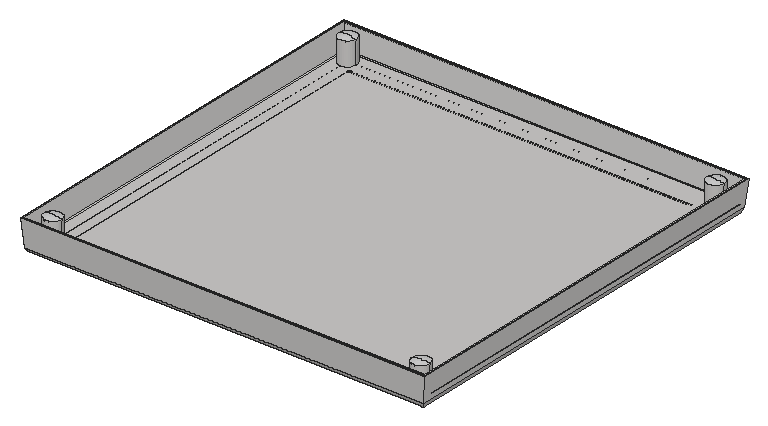
Revit family "NLRS_33_GM_FB_TC_STORAX_vloerluik_BVE_BCB", category Generic Models, host Face, Revit 2014
Parameters (values of type "BVE 88")
  vullen_met_beton = "ja"  # constant formula
  vergrendeling = "nee"  # constant formula
  uitwendige_lengte = 935 mm
  uitwendige_breedte = 935 mm
  sluiting = "4"  # constant formula
  scharnierend = "nee"  # constant formula
  rubberen_afdichting = "enkel"  # constant formula
  productgroep = "Vloerluiken"  # constant formula
  materiaal = bcb_rvs
  inbouwhoogte [instance] = 75 mm
  geïsoleerd = "nee"  # constant formula
  gewicht = "30"
  gasdrukveer = "nee"  # constant formula
  brandwerend 90 min = "nee"  # constant formula
  binnenmaat_lengte = uitwendige_lengte - 135 mm  # 800 mm
  binnenmaat_breedte = uitwendige_breedte - 135 mm  # 800 mm
  binnenluik = "tbv betonvulling"  # constant formula
  belasting = "125 kN"  # constant formula
  URL = "http://www.storax.nl/producten/RVS/186/Type-BVE"
  Model = "BV"  # constant formula
  Manufacturer = "Storax"  # constant formula
  Default Elevation = 1219.2 mm
Types (9, lengths in mm): name | uitwendige_lengte | uitwendige_breedte | gewicht | binnenmaat_lengte | binnenmaat_breedte
  (no name) | 935 | 935 | "30" | 800 | 800
  BVE 33 | 435 | 435 | "9" | 300 | 300
  BVE 44 | 535 | 535 | "13" | 400 | 400
  BVE 55 | 635 | 635 | "17" | 500 | 500
  BVE 64 | 735 | 535 | "16" | 600 | 400
  BVE 66 | 735 | 735 | "20" | 600 | 600
  BVE 86 | 935 | 735 | "24" | 800 | 600
  BVE 88 | 935 | 935 | "30" | 800 | 800
  BVE 110 | 1135 | 1135 | "40" | 1000 | 1000
Reference planes
  plane 1 "Center (Front/Back)": y = 0
  plane 2: z = 0
  plane 3 "Center (Left/Right)": x = 0
  plane 4: y = 467.5
  plane 5: y = -467.5
  plane 6: x = 467.5
  plane 7: x = -467.5
  plane 8: z = -75
  plane 9: x = -425.5
  plane 10: y = 425.5
  plane 11: y = -425.5
  plane 12: x = 425.5
  plane 13: x = -305.5
  plane 14: x = 305.5
  plane 15: y = -305.5
  plane 16: y = 305.5
Forms (mm)
  Sweep 1, solid, material "bcb_rvs" <- "materiaal", detail levels medium+fine
    path origin (0, 0, 0) x (1, 0, 0) y (0, 1, 0)
      loop
        line (-467.5, 467.5) -> (-467.5, -467.5) -> (467.5, -467.5) -> (467.5, 467.5) -> (-467.5, 467.5)
    profile origin (-467.5, 0, 0) x (-1, 0, 0) y (0, 0, 1)
      loop
        line (0, 0) -> (-2.01, 0) -> (-8.062, -60.739)
        arc (-8.062, -60.739) -> (-19.025, -71.913) -> (-32.302, -63.62) r 12.5
        line (-32.302, -63.62) -> (-34.724, -56.679)
        arc (-34.724, -56.679) -> (-38.41, -54.001) -> (-42.212, -56.51) r 4
        line (-42.212, -56.51) -> (-44.362, -61.868)
        arc (-44.362, -61.868) -> (-48.269, -64.946) -> (-52.899, -63.13) r 5
        line (-52.899, -63.13) -> (-56.64, -57.982)
        arc (-56.64, -57.982) -> (-63.349, -55.792) -> (-67.5, -61.5) r 6
        line (-67.5, -61.5) -> (-67.5, -75) -> (-65.5, -75) -> (-65.5, -61.5)
        arc (-65.5, -61.5) -> (-62.734, -57.695) -> (-58.262, -59.152) r 4
        line (-58.262, -59.152) -> (-54.667, -64.109)
        arc (-54.667, -64.109) -> (-48.142, -66.947) -> (-42.504, -62.607) r 7
        line (-42.504, -62.607) -> (-40.356, -57.255)
        arc (-40.356, -57.255) -> (-38.451, -56.001) -> (-36.61, -57.346) r 2
        line (-36.61, -57.346) -> (-34.19, -64.279)
        arc (-34.19, -64.279) -> (-18.789, -73.899) -> (-6.071, -60.938) r 14.5
        line (-6.071, -60.938) -> (0, 0)
  Sweep 2, solid, material "bcb_rvs" <- "materiaal", detail levels medium+fine
    path origin (0, 0, 0) x (1, 0, 0) y (0, 1, 0)
      loop
        line (-467.5, 467.5) -> (-467.5, -467.5) -> (467.5, -467.5) -> (467.5, 467.5) -> (-467.5, 467.5)
    profile origin (-467.5, 0, 0) x (-1, 0, 0) y (0, 0, 1)
      loop
        line (-10.487, -50.628) -> (-2.484, 0) -> (-4.5, 0) -> (-12.438, -50.313)
        arc (-12.438, -50.313) -> (-13.121, -51.538) -> (-14.437, -52.024) r 2.024
        line (-14.437, -52.024) -> (-67.5, -52.024) -> (-67.5, -53.988) -> (-14.751, -53.988)
        arc (-14.751, -53.988) -> (-11.962, -53.142) -> (-10.487, -50.628) r 4
  Sweep 3, solid, material "bcb_rvs" <- "materiaal", detail levels coarse
    path origin (0, 0, 0) x (1, 0, 0) y (0, 1, 0)
      loop
        line (-467.5, 467.5) -> (-467.5, -467.5) -> (467.5, -467.5) -> (467.5, 467.5) -> (-467.5, 467.5)
    profile origin (-467.5, 0, 0) x (-1, 0, 0) y (0, 0, 1)
      loop
        line (0, 0) -> (-4.5, 0) -> (-12.74, -52.024) -> (-67.5, -52.024) -> (-67.5, -75) -> (-7.473, -75) -> (0, 0)
  Extrusion 4, solid, material "bcb_rvs" <- "materiaal", detail levels medium+fine
    sketch origin (0, 0, 0) x (1, 0, 0) y (0, 1, 0)
      loop
        line (-400, 400) -> (-400, -400) -> (400, -400) -> (400, 400) -> (-400, 400)
    from -53.988 to -52
  Extrusion 5, solid, material "bcb_rvs" <- "materiaal", detail levels coarse
    sketch origin (0, 0, 0) x (1, 0, 0) y (0, 1, 0)
      loop
        line (-400, 400) -> (-400, -400) -> (400, -400) -> (400, 400) -> (-400, 400)
    from -75 to -52.024
  Extrusion 6, void
    sketch origin (0, 0, 0) x (1, 0, 0) y (0, 1, 0)
      loop
        line (-305.5, -305.5) -> (305.5, -305.5) -> (305.5, 305.5) -> (-305.5, 305.5) -> (-305.5, -305.5)
    from -500 to 10
  Sweep 7, void
    path origin (0, 0, 0) x (1, 0, 0) y (0, 1, 0)
      loop
        line (-467.5, 467.5) -> (-467.5, -467.5) -> (467.5, -467.5) -> (467.5, 467.5) -> (-467.5, 467.5)
    profile origin (-467.5, 0, 0) x (-1, 0, 0) y (0, 0, 1)
      loop
        line (0.498, 5) -> (-162, 5) -> (-162, -365) -> (-65.5, -365) -> (-65.5, -75) -> (-7.473, -75) -> (0.498, 5)
Cuts and joins
  joined: Sweep 2, Extrusion 4
  joined: Sweep 3, Extrusion 5
Text (mm)
  text "Indien u deze familie geopend hebt vanuit het project via Edit Family: Niet Opslaan!\n\nOpen de familie via File - Open Family om de familie aan te passen.\n\n\n\nMocht u zelf aanpassingen willen aanbrengen in een type van de family, \n\npak dan het type maatwerk en neem contact op met Storax." at (-0.374, 589.999, 0), in view "Ref. Level"
Dimensions and locks
  equal spacing: plane 7, plane 3 "Center (Left/Right)", plane 6
  "uitwendige_breedte": plane 7 to plane 6
  equal spacing: plane 4, plane 1 "Center (Front/Back)", plane 5
  "uitwendige_lengte": plane 4 to plane 5
  locked: plane 4 to plane 10 at 42
  locked: plane 7 to plane 9 at 42
  locked: plane 12 to plane 6 at 42
  locked: plane 5 to plane 11 at 42
  locked: plane 9 to plane 13 at 120
  locked: plane 14 to plane 12 at 120
  locked: plane 15 to plane 11 at 120
  locked: plane 10 to plane 16 at 120
  aligned and locked: plane 2 to host face
  aligned and locked: level to host face
  aligned and locked: Sweep 1 sketch curve to plane 4
  aligned and locked: plane 7 to Sweep 1 sketch curve
  aligned and locked: plane 5 to Sweep 1 sketch curve
  aligned and locked: Sweep 1 sketch curve to plane 6
  aligned and locked: Sweep 2 sketch curve to Sweep 1  (x4)
  aligned and locked: Sweep 3 sketch curve to Sweep 1  (x4)
  aligned and locked: Extrusion 4 sketch curve to Sweep 1  (x4)
  aligned and locked: Extrusion 5 sketch curve to Sweep 3  (x2)
  aligned and locked: Extrusion 5 sketch curve to Sweep 1  (x2)
  aligned and locked: plane 3 "Center (Left/Right)" to nested 1
  aligned and locked: nested 1 to plane 2
  aligned and locked: plane 9 to nested 2
  aligned and locked: nested 2 to plane 10
  aligned and locked: nested 3 to plane 12
  aligned and locked: plane 10 to nested 3
  aligned and locked: plane 11 to nested 4
  aligned and locked: nested 4 to plane 9
  aligned and locked: nested 5 to plane 11
  aligned and locked: plane 12 to nested 5
  aligned and locked: nested 6 to plane 1 "Center (Front/Back)"
  aligned and locked: nested 6 to plane 2
  aligned and locked: Extrusion 6 to plane 16
  aligned and locked: Extrusion 6 to plane 14
  aligned and locked: Extrusion 6 to plane 15
  aligned and locked: Extrusion 6 to plane 13
  aligned and locked: Sweep 7 sketch curve to plane 4
  aligned and locked: Sweep 7 sketch curve to plane 6
  aligned and locked: plane 5 to Sweep 7 sketch curve
  aligned and locked: plane 7 to Sweep 7 sketch curve
Automatic sketch dimensions
  host sketch curve to host sketch curve = 2000 mm  (x2)
  Sweep 1 sketch curve to profile plane = 0 mm
  profile plane to Sweep 1 sketch curve = 6.071 mm
  Sweep 1 sketch curve to Sweep 1 sketch curve = 1.99 mm
  Sweep 1 sketch curve to Sweep 1 sketch curve = 12.438 mm
  Sweep 1 sketch curve to Sweep 1 sketch curve = 0 mm  (x6)
  Sweep 1 sketch curve to Sweep 1 sketch curve = 11.802 mm
  Sweep 1 sketch curve to Sweep 1 sketch curve = 1.888 mm
  Sweep 1 sketch curve to Sweep 1 sketch curve = 2.423 mm
  Sweep 1 sketch curve to Sweep 1 sketch curve = 1.886 mm
  Sweep 1 sketch curve to Sweep 1 sketch curve = 1.89 mm
  Sweep 1 sketch curve to Sweep 1 sketch curve = 1.856 mm  (x2)
  Sweep 1 sketch curve to Sweep 1 sketch curve = 2.147 mm
  Sweep 1 sketch curve to Sweep 1 sketch curve = 1.858 mm
  Sweep 1 sketch curve to Sweep 1 sketch curve = 4.638 mm
  Sweep 1 sketch curve to Sweep 1 sketch curve = 3.899 mm
  Sweep 1 sketch curve to Sweep 1 sketch curve = 1.768 mm
  Sweep 1 sketch curve to Sweep 1 sketch curve = 3.741 mm
  Sweep 1 sketch curve to Sweep 1 sketch curve = 1.622 mm
  Sweep 1 sketch curve to Sweep 1 sketch curve = 3.238 mm
  Sweep 1 sketch curve to Sweep 1 sketch curve = 4 mm
  Sweep 1 sketch curve to Sweep 1 sketch curve = 2 mm
  Sweep 1 sketch curve to level = 56.51 mm
  Sweep 1 sketch curve to Sweep 1 sketch curve = 0.169 mm
  Sweep 1 sketch curve to Sweep 1 sketch curve = 0.745 mm
  Sweep 1 sketch curve to Sweep 1 sketch curve = 0.654 mm
  Sweep 1 sketch curve to Sweep 1 sketch curve = 1.471 mm
  Sweep 1 sketch curve to Sweep 1 sketch curve = 1.17 mm
  Sweep 1 sketch curve to Sweep 1 sketch curve = 2.821 mm
  Sweep 1 sketch curve to Sweep 1 sketch curve = 3.49 mm
  Sweep 1 sketch curve to Sweep 1 sketch curve = 1.239 mm
  Sweep 1 sketch curve to Sweep 1 sketch curve = 0.198 mm
  Sweep 1 sketch curve to Sweep 1 sketch curve = 1.867 mm
  Sweep 1 sketch curve to Sweep 1 sketch curve = 0.739 mm
  Sweep 1 sketch curve to Sweep 1 sketch curve = 13.5 mm
  profile plane to Sweep 1 sketch curve = 2.01 mm
  Sweep 1 sketch curve to Sweep 1 sketch curve = 60.938 mm
  Sweep 2 sketch curve to level = 0 mm
  profile plane to Sweep 2 sketch curve = 14.751 mm
  Sweep 2 sketch curve to Sweep 2 sketch curve = 0.313 mm  (x2)
  Sweep 2 sketch curve to Sweep 2 sketch curve = 0 mm  (x2)
  Sweep 2 sketch curve to Sweep 2 sketch curve = 1.95 mm
  Sweep 2 sketch curve to Sweep 2 sketch curve = 0.315 mm
  Sweep 2 sketch curve to Sweep 2 sketch curve = 53.063 mm
  profile plane to Sweep 2 sketch curve = 4.5 mm
  Sweep 2 sketch curve to Sweep 2 sketch curve = 2.016 mm
  Sweep 2 sketch curve to level = 52.024 mm
  Sweep 2 sketch curve to Sweep 2 sketch curve = 1.963 mm
  Sweep 3 sketch curve to level = 0 mm
  Sweep 3 sketch curve to profile plane = 0 mm
  profile plane to Sweep 3 sketch curve = 4.5 mm
  profile plane to Sweep 3 sketch curve = 12.74 mm
  Sweep 3 sketch curve to Sweep 3 sketch curve = 54.76 mm
  Sweep 3 sketch curve to level = 52.024 mm
  profile plane to Sweep 3 sketch curve = 7.473 mm
  Sweep 3 sketch curve to Sweep 3 sketch curve = 22.976 mm
  Extrusion 6 sketch curve to plane 11 = 120 mm
  Extrusion 6 sketch curve to plane 1 "Center (Front/Back)" = 305.5 mm
  Extrusion 6 sketch curve to plane 13 = 0 mm
  Extrusion 6 sketch curve to plane 14 = 0 mm
  level to Sweep 7 sketch curve = 5 mm
  profile plane to Sweep 7 sketch curve = 162 mm
  profile plane to Sweep 7 sketch curve = 65.5 mm
  profile plane to Sweep 7 sketch curve = 7.473 mm
  Sweep 7 sketch curve to profile plane = 0.498 mm
  Sweep 7 sketch curve to level = 75 mm
  Sweep 7 sketch curve to Sweep 7 sketch curve = 290 mm
Nested families
  nested 1: "NLRS_33_GM_FB_TC_STORAX_vloerluik_BV_BCB_Detail_Component" at (0, 0, 0) x (1, 0, 0) z (0, -1, 0), breedte <- "uitwendige_breedte", type "NLRS_33_GM_FB_TC_STORAX_vloerluik_BV_BCB_Detail_Component"
    with breedte 935 mm
  nested 2: "NLRS_33_GM_FB_TC_STORAX_vloerluik_BV_BCB_Inbusbout" at (-425.5, 425.5, -52.024), type "NLRS_33_GM_FB_TC_STORAX_vloerluik_BV_BCB_Inbusbout"
  nested 3: "NLRS_33_GM_FB_TC_STORAX_vloerluik_BV_BCB_Inbusbout" at (425.5, 425.5, -52.024) x (-1, 0, 0) z (0, 0, 1), type "NLRS_33_GM_FB_TC_STORAX_vloerluik_BV_BCB_Inbusbout"
  nested 4: "NLRS_33_GM_FB_TC_STORAX_vloerluik_BV_BCB_Inbusbout" at (-425.5, -425.5, -52.024), type "NLRS_33_GM_FB_TC_STORAX_vloerluik_BV_BCB_Inbusbout"
  nested 5: "NLRS_33_GM_FB_TC_STORAX_vloerluik_BV_BCB_Inbusbout" at (425.5, -425.5, -52.024) x (-1, 0, 0) z (0, 0, 1), type "NLRS_33_GM_FB_TC_STORAX_vloerluik_BV_BCB_Inbusbout"
  nested 6: "NLRS_33_GM_FB_TC_STORAX_vloerluik_BV_BCB_Detail_Component" at (0, 0, 0) x (0, 1, 0) z (1, 0, 0), breedte <- "uitwendige_lengte", type "NLRS_33_GM_FB_TC_STORAX_vloerluik_BV_BCB_Detail_Component"
    with breedte 935 mm
Definition of nested family "NLRS_33_GM_FB_TC_STORAX_vloerluik_BV_BCB_Inbusbout"
  Parameters (values of type "NLRS_33_GM_FB_TC_STORAX_vloerluik_BV_BCB_Inbusbout")
    materiaal = bcb_staal
    Default Elevation = 1219.2 mm
  Reference planes
    plane 1 "Center (Front/Back)": y = 0
    plane 2: z = 0
    plane 3 "Center (Left/Right)": x = 0
  Forms (mm)
    Extrusion 1, solid, not visible
      sketch origin (0, 0, 0) x (1, 0, 0) y (0, 1, 0)
        loop
          line (-250, 250) -> (-250, -250) -> (250, -250) -> (250, 250) -> (-250, 250)
      from 0 to -100
    Extrusion 2, solid, material "bcb_staal" <- "materiaal", detail levels medium+fine
      sketch origin (0, 0, 0) x (1, 0, 0) y (0, 1, 0)
        loop
          circle (0, 0) r 20
      from 0 to 52
    Revolve 3, solid, material "bcb_kunststof", detail levels medium+fine
      sketch origin (0, 0, 0) x (1, 0, 0) y (0, 0, 1)
        loop
          line (-20, 52) -> (0, 52) -> (0, 56)
          arc (0, 56) -> (-10.198, 54.99) -> (-20, 52) r 52
        axis (0, 56) -> (0, 52)
      angle from 0 to 360
  Dimensions and locks
    aligned and locked: plane 2 to Extrusion 1
    aligned and locked: level to Extrusion 1
Definition of nested family "NLRS_33_GM_FB_TC_STORAX_vloerluik_BV_BCB_Detail_Component"
  Parameters (values of type "NLRS_33_GM_FB_TC_STORAX_vloerluik_BV_BCB_Detail_Component")
    breedte [instance] = 435 mm
  Reference planes
    plane 1 "Center (Front/Back)": y = 0
    plane 2: z = 0
    plane 3 "Center (Left/Right)": x = 0
    plane 4: x = -217.5
    plane 5: x = 217.5
    plane 6: y = 100
    plane 7: y = -75
  Lines and regions (mm)
    Filled region 1, type "BCB Staal", in view "Ref. Level", detail levels medium+fine
      outline origin (0, 0, 0) x (1, 0, 0) y (0, 1, 0)
        loop
          line (-217.5, 0) -> (-211.429, -60.938)
          arc (-211.429, -60.938) -> (-198.711, -73.899) -> (-183.31, -64.279) r 14.5
          line (-183.31, -64.279) -> (-180.89, -57.346)
          arc (-180.89, -57.346) -> (-179.049, -56.001) -> (-177.144, -57.255) r 2
          line (-177.144, -57.255) -> (-174.996, -62.607)
          arc (-174.996, -62.607) -> (-169.358, -66.947) -> (-162.833, -64.109) r 7
          line (-162.833, -64.109) -> (-159.24, -59.154)
          arc (-159.24, -59.154) -> (-154.767, -57.695) -> (-152, -61.5) r 4
          line (-152, -61.5) -> (-152, -75) -> (-150, -75) -> (-150, -61.5)
          arc (-150, -61.5) -> (-154.151, -55.792) -> (-160.86, -57.982) r 6
          line (-160.86, -57.982) -> (-164.601, -63.13)
          arc (-164.601, -63.13) -> (-169.231, -64.946) -> (-173.138, -61.868) r 5
          line (-173.138, -61.868) -> (-175.288, -56.51)
          arc (-175.288, -56.51) -> (-179.09, -54.001) -> (-182.776, -56.679) r 4
          line (-182.776, -56.679) -> (-185.198, -63.62)
          arc (-185.198, -63.62) -> (-198.475, -71.913) -> (-209.438, -60.739) r 12.5
          line (-209.438, -60.739) -> (-215.49, 0) -> (-217.5, 0)
    Filled region 2, type "BCB Rubber", in view "Ref. Level", detail levels medium+fine
      outline origin (0, 0, 0) x (1, 0, 0) y (0, 1, 0)
        loop
          arc (-160.052, -57.075) -> (-160.524, -54.949) -> (-162.485, -54) r 2.5
          line (-162.485, -54) -> (-178.975, -54)
          arc (-178.975, -54) -> (-176.749, -54.694) -> (-175.288, -56.51) r 4
          line (-175.288, -56.51) -> (-173.138, -61.868)
          arc (-173.138, -61.868) -> (-169.231, -64.946) -> (-164.601, -63.13) r 5
          line (-164.601, -63.13) -> (-160.86, -57.982)
          arc (-160.86, -57.982) -> (-160.479, -57.508) -> (-160.052, -57.075) r 6
    Filled region 3, type "BCB Staal", in view "Ref. Level", detail levels medium+fine
      outline origin (0, 0, 0) x (1, 0, 0) y (0, 1, 0)
        loop
          line (-213, 0) -> (-215.016, 0) -> (-207.013, -50.628)
          arc (-207.013, -50.628) -> (-205.538, -53.142) -> (-202.749, -53.988) r 4
          line (-202.749, -53.988) -> (203.063, -53.988)
          arc (203.063, -53.988) -> (205.651, -53.033) -> (207, -50.626) r 3.987
          line (207, -50.626) -> (215, 0) -> (212.969, 0) -> (205.038, -50.32)
          arc (205.038, -50.32) -> (204.359, -51.524) -> (203.063, -52.024) r 2.001
          line (203.063, -52.024) -> (-203.063, -52.024)
          arc (-203.063, -52.024) -> (-204.379, -51.538) -> (-205.063, -50.313) r 2.024
          line (-205.063, -50.313) -> (-213, 0)
    Filled region 4, type "BCB Staal", in view "Ref. Level", detail levels medium+fine
      outline origin (0, 0, 0) x (1, 0, 0) y (0, 1, 0)
        loop
          line (185.198, -63.62) -> (182.776, -56.679)
          arc (182.776, -56.679) -> (179.09, -54.001) -> (175.288, -56.51) r 4
          line (175.288, -56.51) -> (173.138, -61.868)
          arc (173.138, -61.868) -> (169.231, -64.946) -> (164.601, -63.13) r 5
          line (164.601, -63.13) -> (160.86, -57.982)
          arc (160.86, -57.982) -> (154.151, -55.792) -> (150, -61.5) r 6
          line (150, -61.5) -> (150, -75) -> (152, -75) -> (152, -61.5)
          arc (152, -61.5) -> (154.767, -57.695) -> (159.24, -59.154) r 4
          line (159.24, -59.154) -> (162.833, -64.109)
          arc (162.833, -64.109) -> (169.358, -66.947) -> (174.996, -62.607) r 7
          line (174.996, -62.607) -> (177.144, -57.255)
          arc (177.144, -57.255) -> (179.049, -56.001) -> (180.89, -57.346) r 2
          line (180.89, -57.346) -> (183.31, -64.279)
          arc (183.31, -64.279) -> (198.711, -73.899) -> (211.429, -60.938) r 14.5
          line (211.429, -60.938) -> (217.5, 0) -> (215.49, 0) -> (209.438, -60.739)
          arc (209.438, -60.739) -> (198.475, -71.913) -> (185.198, -63.62) r 12.5
    Filled region 5, type "BCB Rubber", in view "Ref. Level", detail levels medium+fine
      outline origin (0, 0, 0) x (1, 0, 0) y (0, 1, 0)
        loop
          arc (162.485, -54) -> (160.524, -54.949) -> (160.052, -57.075) r 2.5
          arc (160.052, -57.075) -> (160.479, -57.508) -> (160.86, -57.982) r 6
          line (160.86, -57.982) -> (164.601, -63.13)
          arc (164.601, -63.13) -> (169.231, -64.946) -> (173.138, -61.868) r 5
          line (173.138, -61.868) -> (175.288, -56.51)
          arc (175.288, -56.51) -> (176.746, -54.695) -> (178.968, -54) r 4
          line (178.968, -54) -> (162.485, -54)
    Masking region 1, in view "Ref. Level", detail levels medium+fine
      outline origin (0, 0, 0) x (1, 0, 0) y (0, 1, 0)
        loop
          line (-152, -75) -> (152, -75) -> (152, -74) -> (197, -74)
          arc (197, -74) -> (206.732, -70.249) -> (211.429, -60.938) r 14.5
          line (211.429, -60.938) -> (217.5, 0) -> (-217.5, 0) -> (-211.429, -60.938)
          arc (-211.429, -60.938) -> (-206.732, -70.249) -> (-197, -74) r 14.5
          line (-197, -74) -> (-152, -74) -> (-152, -75)
  Text (mm)
    text "Meer informatie nodig om tot een goed detail te komen.\n\n\n\nPDF van de website bevat meer informatie, dit zouden wij graag tegemoet zien in DWG-formaat." at (4.418, -12.363, 0), in view "Ref. Level"
  Dimensions and locks
    equal spacing: plane 4, plane 3 "Center (Left/Right)", plane 5
    "breedte": plane 4 to plane 5
  Automatic sketch dimensions
    plane 1 "Center (Front/Back)" to Filled region 1 sketch curve = 0 mm
    Filled region 1 sketch curve to plane 4 = 0 mm
    plane 4 to Filled region 1 sketch curve = 6.071 mm
    Filled region 1 sketch curve to Filled region 1 sketch curve = 1.99 mm
    Filled region 1 sketch curve to Filled region 1 sketch curve = 12.438 mm
    Filled region 1 sketch curve to Filled region 1 sketch curve = 0 mm  (x6)
    plane 7 to Filled region 1 sketch curve = 11.38 mm
    Filled region 1 sketch curve to Filled region 1 sketch curve = 11.802 mm
    plane 7 to Filled region 1 sketch curve = 10.721 mm
    Filled region 1 sketch curve to Filled region 1 sketch curve = 1.888 mm
    Filled region 1 sketch curve to Filled region 1 sketch curve = 2.423 mm
    plane 7 to Filled region 1 sketch curve = 17.654 mm
    Filled region 1 sketch curve to Filled region 1 sketch curve = 1.886 mm
    Filled region 1 sketch curve to Filled region 1 sketch curve = 1.89 mm
    plane 7 to Filled region 1 sketch curve = 17.745 mm
    Filled region 1 sketch curve to Filled region 1 sketch curve = 1.856 mm  (x2)
    plane 7 to Filled region 1 sketch curve = 18.49 mm
    plane 7 to Filled region 1 sketch curve = 12.393 mm
    Filled region 1 sketch curve to Filled region 1 sketch curve = 2.147 mm
    plane 7 to Filled region 1 sketch curve = 13.132 mm
    Filled region 1 sketch curve to Filled region 1 sketch curve = 1.858 mm
    Filled region 1 sketch curve to Filled region 1 sketch curve = 4.638 mm
    plane 7 to Filled region 1 sketch curve = 11.87 mm
    Filled region 1 sketch curve to Filled region 1 sketch curve = 3.899 mm
    plane 7 to Filled region 1 sketch curve = 10.891 mm
    Filled region 1 sketch curve to Filled region 1 sketch curve = 1.768 mm
    plane 7 to Filled region 1 sketch curve = 17.018 mm
    Filled region 1 sketch curve to Filled region 1 sketch curve = 3.74 mm
    plane 7 to Filled region 1 sketch curve = 15.846 mm
    Filled region 1 sketch curve to Filled region 1 sketch curve = 1.621 mm
    Filled region 1 sketch curve to Filled region 1 sketch curve = 3.24 mm
    plane 7 to Filled region 1 sketch curve = 13.5 mm  (x2)
    Filled region 1 sketch curve to Filled region 1 sketch curve = 4 mm
    plane 7 to Filled region 1 sketch curve = 0 mm
    Filled region 1 sketch curve to Filled region 1 sketch curve = 2 mm  (x2)
    plane 7 to Filled region 1 sketch curve = 14.062 mm
    Filled region 1 sketch curve to Filled region 1 sketch curve = 0.198 mm
    plane 4 to Filled region 1 sketch curve = 2.01 mm
    plane 7 to Filled region 2 sketch curve = 17 mm
    plane 4 to Filled region 2 sketch curve = 38.5 mm
    Filled region 2 sketch curve to Filled region 2 sketch curve = 0.025 mm
    plane 7 to Filled region 2 sketch curve = 18.49 mm
    Filled region 2 sketch curve to Filled region 2 sketch curve = 3.712 mm
    plane 7 to Filled region 2 sketch curve = 13.132 mm
    Filled region 2 sketch curve to Filled region 2 sketch curve = 2.15 mm
    Filled region 2 sketch curve to Filled region 2 sketch curve = 4.638 mm
    plane 7 to Filled region 2 sketch curve = 11.87 mm
    Filled region 2 sketch curve to Filled region 2 sketch curve = 3.899 mm
    Filled region 2 sketch curve to Filled region 2 sketch curve = 2.116 mm
    plane 7 to Filled region 2 sketch curve = 17.018 mm
    Filled region 2 sketch curve to Filled region 2 sketch curve = 1.624 mm
    Filled region 2 sketch curve to Filled region 2 sketch curve = 4.86 mm
    Filled region 2 sketch curve to Filled region 2 sketch curve = 3.518 mm
    Filled region 2 sketch curve to Filled region 2 sketch curve = 1.482 mm
    Filled region 2 sketch curve to Filled region 2 sketch curve = 0 mm  (x3)
    Filled region 2 sketch curve to Filled region 2 sketch curve = 0.809 mm
    plane 1 "Center (Front/Back)" to Filled region 3 sketch curve = 0 mm  (x2)
    plane 4 to Filled region 3 sketch curve = 10.487 mm
    Filled region 3 sketch curve to Filled region 3 sketch curve = 1.95 mm
    Filled region 3 sketch curve to Filled region 3 sketch curve = 2 mm
    Filled region 3 sketch curve to Filled region 3 sketch curve = 0 mm  (x5)
    Filled region 3 sketch curve to Filled region 3 sketch curve = 0.313 mm  (x2)
    Filled region 3 sketch curve to plane 5 = 14.437 mm
    Filled region 3 sketch curve to Filled region 3 sketch curve = 1.975 mm
    Filled region 3 sketch curve to Filled region 3 sketch curve = 1.962 mm
    Filled region 3 sketch curve to plane 5 = 4.531 mm
    Filled region 3 sketch curve to Filled region 3 sketch curve = 2.031 mm
    plane 7 to Filled region 3 sketch curve = 25 mm  (x2)
    Filled region 3 sketch curve to Filled region 3 sketch curve = 0.001 mm
    Filled region 3 sketch curve to Filled region 3 sketch curve = 0.319 mm
    Filled region 3 sketch curve to Filled region 3 sketch curve = 0.306 mm
    plane 4 to Filled region 3 sketch curve = 4.5 mm
    Filled region 3 sketch curve to Filled region 3 sketch curve = 2.016 mm
    Filled region 4 sketch curve to plane 7 = 0 mm
    plane 1 "Center (Front/Back)" to Filled region 4 sketch curve = 0 mm
    Filled region 4 sketch curve to plane 5 = 0 mm
    Filled region 4 sketch curve to plane 5 = 6.071 mm
    Filled region 4 sketch curve to Filled region 4 sketch curve = 1.99 mm
    Filled region 4 sketch curve to Filled region 4 sketch curve = 12.438 mm
    Filled region 4 sketch curve to Filled region 4 sketch curve = 0 mm  (x5)
    plane 7 to Filled region 4 sketch curve = 11.38 mm
    Filled region 4 sketch curve to Filled region 4 sketch curve = 11.802 mm
    plane 7 to Filled region 4 sketch curve = 10.721 mm
    Filled region 4 sketch curve to Filled region 4 sketch curve = 1.888 mm
    Filled region 4 sketch curve to Filled region 4 sketch curve = 2.423 mm
    Filled region 4 sketch curve to Filled region 4 sketch curve = 1.886 mm
    Filled region 4 sketch curve to Filled region 4 sketch curve = 1.89 mm
    plane 7 to Filled region 4 sketch curve = 17.745 mm
    Filled region 4 sketch curve to Filled region 4 sketch curve = 1.856 mm  (x2)
    plane 7 to Filled region 4 sketch curve = 18.49 mm
    plane 7 to Filled region 4 sketch curve = 12.393 mm
    Filled region 4 sketch curve to Filled region 4 sketch curve = 2.147 mm
    plane 7 to Filled region 4 sketch curve = 13.132 mm
    Filled region 4 sketch curve to Filled region 4 sketch curve = 1.858 mm
    Filled region 4 sketch curve to Filled region 4 sketch curve = 4.638 mm
    plane 7 to Filled region 4 sketch curve = 11.87 mm
    Filled region 4 sketch curve to Filled region 4 sketch curve = 3.899 mm
    plane 7 to Filled region 4 sketch curve = 10.891 mm
    Filled region 4 sketch curve to Filled region 4 sketch curve = 1.768 mm
    plane 7 to Filled region 4 sketch curve = 17.018 mm
    Filled region 4 sketch curve to Filled region 4 sketch curve = 3.74 mm
    plane 7 to Filled region 4 sketch curve = 15.846 mm
    Filled region 4 sketch curve to Filled region 4 sketch curve = 1.621 mm
    Filled region 4 sketch curve to Filled region 4 sketch curve = 3.24 mm
    Filled region 4 sketch curve to Filled region 4 sketch curve = 4 mm
    Filled region 4 sketch curve to Filled region 4 sketch curve = 2 mm
    plane 7 to Filled region 4 sketch curve = 14.062 mm
    Filled region 4 sketch curve to Filled region 4 sketch curve = 0.198 mm
    Filled region 4 sketch curve to Filled region 4 sketch curve = 0.745 mm
    Filled region 4 sketch curve to Filled region 4 sketch curve = 2.01 mm
    plane 7 to Filled region 5 sketch curve = 13.5 mm
    Filled region 5 sketch curve to plane 5 = 61.5 mm
    plane 7 to Filled region 5 sketch curve = 17.018 mm
    Filled region 5 sketch curve to Filled region 5 sketch curve = 4.86 mm
    Filled region 5 sketch curve to Filled region 5 sketch curve = 1.624 mm
    plane 7 to Filled region 5 sketch curve = 11.87 mm
    Filled region 5 sketch curve to Filled region 5 sketch curve = 3.74 mm
    Filled region 5 sketch curve to Filled region 5 sketch curve = 3.899 mm
    plane 7 to Filled region 5 sketch curve = 13.132 mm
    Filled region 5 sketch curve to Filled region 5 sketch curve = 4.638 mm
    Filled region 5 sketch curve to Filled region 5 sketch curve = 2.15 mm
    Filled region 5 sketch curve to Filled region 5 sketch curve = 3.68 mm
    Filled region 5 sketch curve to Filled region 5 sketch curve = 3.712 mm
    Filled region 5 sketch curve to Filled region 5 sketch curve = 1.49 mm
    Filled region 5 sketch curve to Filled region 5 sketch curve = 1.482 mm
    Filled region 5 sketch curve to Filled region 5 sketch curve = 0.809 mm
    plane 1 "Center (Front/Back)" to Masking region 1 sketch curve = 0 mm
    Masking region 1 sketch curve to plane 4 = 0 mm
    Masking region 1 sketch curve to plane 7 = 0 mm
    Masking region 1 sketch curve to plane 5 = 65.5 mm
    plane 7 to Masking region 1 sketch curve = 1 mm
    plane 4 to Masking region 1 sketch curve = 65.5 mm
    Masking region 1 sketch curve to plane 5 = 20.5 mm
    Masking region 1 sketch curve to Masking region 1 sketch curve = 1 mm
    Masking region 1 sketch curve to Masking region 1 sketch curve = 14.5 mm
    Masking region 1 sketch curve to plane 5 = 6.071 mm
    Masking region 1 sketch curve to plane 5 = 0 mm
    plane 4 to Masking region 1 sketch curve = 6.071 mm
    plane 7 to Masking region 1 sketch curve = 14.062 mm
    Masking region 1 sketch curve to Masking region 1 sketch curve = 1.438 mm
Types in the file's own list only (4): name | uitwendige_lengte | uitwendige_breedte | materiaal | gewicht | binnenmaat_lengte | binnenmaat_breedte | URL | Default Elevation
  BVE 45 | 585 mm | 585 mm | bcb_staal | "16" | 450 mm | 450 mm | "http://www.storax.nl/producten/Staal/181/Type-BVE" | 1219 mm
  BVE 106 | 735 mm | 1135 mm | bcb_staal | "31" | 600 mm | 1000 mm | "http://www.storax.nl/producten/Staal/181/Type-BVE" | 1219 mm
  BVE 108 | 935 mm | 1135 mm | bcb_staal | "37" | 800 mm | 1000 mm | "http://www.storax.nl/producten/Staal/181/Type-BVE" | 1219 mm
  maatwerk | 435 mm | 435 mm | bcb_staal | "10" | 300 mm | 300 mm | "http://www.storax.nl/producten/Staal/181/Type-BVE" | 1219 mm
